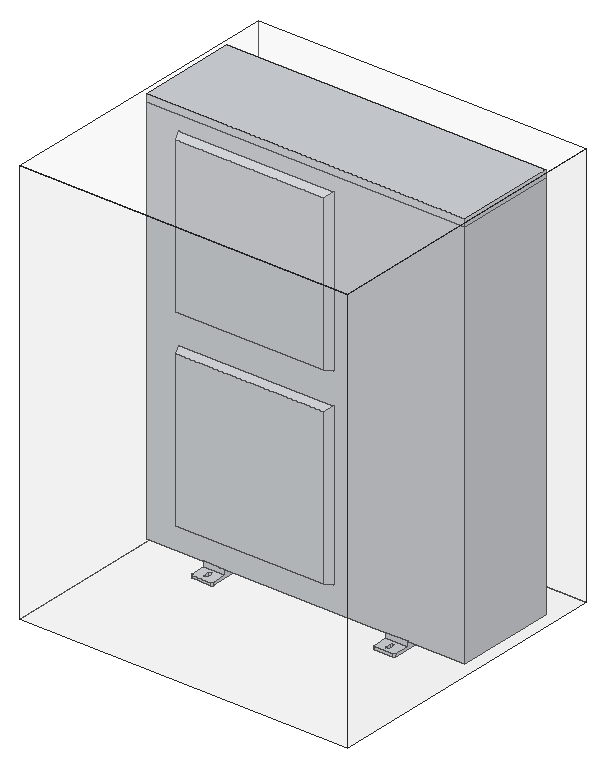
Revit family "puz-hrmp80_160ka6_50Hz", category 機械設備, Revit 2019 (continued)
Definition of nested family "PUZ-ZRMP-3"
  Dimensions and locks
    aligned and locked: plane 53 to Extrusion 5 sketch curve
    aligned and locked: plane 58 to Extrusion 6 sketch curve
    aligned and locked: plane 56 to Extrusion 6 sketch curve
    aligned and locked: plane 61 to Extrusion 7 sketch curve
    aligned and locked: plane 54 to Extrusion 7 sketch curve
    aligned and locked: plane 55 to Extrusion 7
    aligned and locked: Extrusion 7 to plane 62
    aligned and locked: plane 64 to Extrusion 6
    aligned and locked: plane 63 to Extrusion 5
    aligned and locked: Extrusion 6 to plane 60
    aligned and locked: Extrusion 5 to plane 59
    aligned and locked: plane 66 to Extrusion 8 sketch curve
    aligned and locked: plane 65 to Extrusion 8 sketch curve
    aligned and locked: Extrusion 8 to plane 60
    aligned and locked: plane 64 to Extrusion 8
    aligned and locked: Blend 9 sketch curve to plane 71
    aligned and locked: Blend 9 sketch curve to plane 72
    aligned and locked: Blend 9 sketch curve to plane 42
    aligned and locked: Blend 9 sketch curve to plane 41
    aligned and locked: plane 45 to Blend 9 sketch curve
    aligned and locked: Blend 9 sketch curve to plane 46
    aligned and locked: Blend 9 sketch curve to plane 73
    aligned and locked: plane 74 to Blend 9 sketch curve
    aligned and locked: Blend 9 to plane 8
    aligned and locked: plane 38 to Blend 9
    aligned and locked: plane 22 to Extrusion 10 sketch curve
    aligned and locked: plane 21 to Extrusion 10 sketch curve
    aligned and locked: Extrusion 10 sketch curve to Extrusion 1  (x4)
    aligned and locked: Extrusion 10 sketch curve to plane 23
    aligned and locked: Extrusion 10 sketch curve to plane 20
    aligned and locked: plane 24 to Extrusion 10
    aligned and locked: Extrusion 10 to level
    aligned and locked: plane 25 to Extrusion 11
    aligned and locked: Extrusion 11 to plane 26
    aligned and locked: Masking region 1 sketch curve to Extrusion 3  (x4)
    aligned and locked: Masking region 1 sketch curve to cut or joined group of Extrusion 1, Extrusion 10  (x8)
    aligned and locked: Masking region 1 sketch curve to Blend 9  (x3)
    aligned and locked: plane 51 to Extrusion 11 sketch curve
    aligned and locked: plane 52 to Extrusion 11 sketch curve
    aligned and locked: plane 76 to Extrusion 11 sketch curve
    aligned and locked: plane 77 to Extrusion 11 sketch curve
    aligned and locked: plane 78 to Extrusion 11 sketch curve
    aligned and locked: plane 79 to Extrusion 11 sketch curve
    aligned and locked: plane 75 to Extrusion 11 sketch curve  (x4)
  Automatic sketch dimensions
    plane 7 to Extrusion 1 sketch curve = 0 mm  (x2)
    Extrusion 1 sketch curve to plane 18 = 0 mm
    plane 8 to Extrusion 1 sketch curve = 0 mm  (x2)
    Extrusion 1 sketch curve to plane 19 = 0 mm
    Extrusion 1 sketch curve to plane 20 = 0 mm
    Extrusion 1 sketch curve to plane 21 = 0 mm
    curve 187 to curve 188 = 40 mm
    curve 186 to curve 190 = 13.333 mm
    curve 190 to curve 190 = 40 mm
    curve 186 to curve 193 = 0 mm
    curve 186 to curve 188 = 40 mm
    curve 188 to curve 191 = 0 mm
    curve 179 to curve 180 = 40 mm
    curve 178 to curve 182 = 120 mm
    curve 182 to curve 182 = 40 mm
    curve 178 to curve 185 = 0 mm
    curve 178 to curve 180 = 40 mm
    curve 182 to curve 183 = 40 mm
    curve 25 to plane 45 = 0 mm
    curve 24 to plane 45 = 0 mm
    curve 22 to plane 45 = 0 mm
    curve 23 to plane 45 = 0 mm
    curve 26 to plane 45 = 0 mm
    curve 21 to plane 45 = 0 mm
    curve 24 to plane 46 = 0 mm
    curve 25 to plane 46 = 0 mm
    curve 26 to plane 46 = 0 mm
    curve 23 to plane 46 = 0 mm
    curve 22 to plane 46 = 0 mm
    curve 21 to plane 46 = 0 mm
    curve 37 to plane 48 = 0 mm
    curve 52 to plane 48 = 0 mm
    curve 51 to plane 48 = 0 mm
    curve 50 to plane 48 = 0 mm
    curve 49 to plane 48 = 0 mm
    curve 48 to plane 48 = 0 mm
    curve 47 to plane 48 = 0 mm
    curve 46 to plane 48 = 0 mm
    curve 45 to plane 48 = 0 mm
    curve 44 to plane 48 = 0 mm
    curve 43 to plane 48 = 0 mm
    curve 42 to plane 48 = 0 mm
    curve 41 to plane 48 = 0 mm
    curve 27 to plane 48 = 0 mm
    curve 28 to plane 48 = 0 mm
    curve 40 to plane 48 = 0 mm
    curve 39 to plane 48 = 0 mm
    curve 29 to plane 48 = 0 mm
    curve 38 to plane 48 = 0 mm
    curve 30 to plane 48 = 0 mm
    curve 53 to plane 48 = 0 mm
    curve 31 to plane 48 = 0 mm
    curve 36 to plane 48 = 0 mm
    curve 32 to plane 48 = 0 mm
    curve 35 to plane 48 = 0 mm
    curve 33 to plane 48 = 0 mm
    curve 34 to plane 48 = 0 mm
    curve 28 to plane 47 = 0 mm
    curve 41 to plane 47 = 0 mm
    curve 27 to plane 47 = 0 mm
    curve 42 to plane 47 = 0 mm
    curve 31 to plane 47 = 0 mm
    curve 40 to plane 47 = 0 mm
    curve 37 to plane 47 = 0 mm
    curve 39 to plane 47 = 0 mm
    curve 32 to plane 47 = 0 mm
    curve 45 to plane 47 = 0 mm
    curve 36 to plane 47 = 0 mm
    curve 46 to plane 47 = 0 mm
    curve 43 to plane 47 = 0 mm
    curve 47 to plane 47 = 0 mm
    curve 29 to plane 47 = 0 mm
    curve 48 to plane 47 = 0 mm
    curve 30 to plane 47 = 0 mm
    curve 49 to plane 47 = 0 mm
    curve 44 to plane 47 = 0 mm
    curve 50 to plane 47 = 0 mm
    curve 33 to plane 47 = 0 mm
    curve 51 to plane 47 = 0 mm
    curve 35 to plane 47 = 0 mm
    curve 52 to plane 47 = 0 mm
    curve 38 to plane 47 = 0 mm
    curve 53 to plane 47 = 0 mm
    curve 34 to plane 47 = 0 mm
    plane 13 to curve 304 = 138 mm
    curve 304 to plane 46 = 0 mm
    curve 307 to plane 45 = 0 mm
    curve 306 to plane 45 = 0 mm
    curve 303 to plane 45 = 0 mm
    curve 308 to plane 45 = 0 mm
    curve 303 to plane 46 = 0 mm
    curve 306 to plane 46 = 0 mm
    curve 307 to plane 46 = 0 mm
    curve 308 to plane 46 = 0 mm
    curve 309 to plane 45 = 0 mm
    curve 309 to plane 46 = 0 mm
    curve 305 to plane 74 = 0 mm
    curve 305 to plane 73 = 0 mm
    curve 310 to plane 74 = 0 mm
    curve 310 to plane 73 = 0 mm
    curve 311 to plane 73 = 0 mm
    curve 311 to plane 74 = 0 mm
    curve 312 to plane 74 = 0 mm
    curve 312 to plane 73 = 0 mm
    curve 313 to plane 74 = 0 mm
    curve 313 to plane 73 = 0 mm
    curve 314 to plane 73 = 0 mm
    curve 314 to plane 74 = 0 mm
    curve 315 to plane 74 = 0 mm
    curve 315 to plane 73 = 0 mm
    curve 316 to plane 73 = 0 mm
    curve 316 to plane 74 = 0 mm
    curve 317 to plane 74 = 0 mm
    curve 317 to plane 73 = 0 mm
    curve 318 to plane 74 = 0 mm
    curve 318 to plane 73 = 0 mm
    curve 319 to plane 74 = 0 mm
    curve 319 to plane 73 = 0 mm
    curve 320 to plane 74 = 0 mm
    curve 320 to plane 73 = 0 mm
    curve 321 to plane 74 = 0 mm
    curve 321 to plane 73 = 0 mm
    curve 322 to plane 73 = 0 mm
    curve 322 to plane 74 = 0 mm
    curve 323 to plane 73 = 0 mm
    curve 323 to plane 74 = 0 mm
    curve 324 to plane 73 = 0 mm
    curve 324 to plane 74 = 0 mm
    curve 325 to plane 74 = 0 mm
    curve 325 to plane 73 = 0 mm
    curve 326 to plane 74 = 0 mm
    curve 326 to plane 73 = 0 mm
    curve 327 to plane 74 = 0 mm
    curve 327 to plane 73 = 0 mm
    curve 328 to plane 74 = 0 mm
    curve 328 to plane 73 = 0 mm
    curve 329 to plane 74 = 0 mm
    curve 329 to plane 73 = 0 mm
    curve 330 to plane 74 = 0 mm
    curve 330 to plane 73 = 0 mm
    curve 331 to plane 74 = 0 mm
    curve 331 to plane 73 = 0 mm
    curve 332 to plane 73 = 0 mm
    curve 332 to plane 74 = 0 mm
    curve 333 to plane 74 = 0 mm
    curve 333 to plane 73 = 0 mm
    curve 334 to plane 73 = 0 mm
    curve 334 to plane 74 = 0 mm
    curve 335 to plane 74 = 0 mm
    curve 335 to plane 73 = 0 mm
    Extrusion 10 sketch curve to plane 18 = 0 mm  (x2)
    plane 8 to Extrusion 10 sketch curve = 0 mm
    plane 23 to Extrusion 10 sketch curve = 0 mm
    plane 22 to Extrusion 10 sketch curve = 0 mm  (x3)
    plane 16 to Extrusion 10 sketch curve = 0 mm  (x3)
    plane 17 to Extrusion 10 sketch curve = 0 mm  (x3)
    Extrusion 10 sketch curve to plane 15 = 0 mm  (x2)
    Extrusion 10 sketch curve to plane 19 = 0 mm  (x2)
    Extrusion 10 sketch curve to plane 14 = 0 mm  (x2)
    plane 7 to Extrusion 10 sketch curve = 0 mm
    Extrusion 10 sketch curve to plane 18 = 5 mm
    plane 15 to Extrusion 10 sketch curve = 6 mm  (x2)
    plane 19 to Extrusion 10 sketch curve = 5 mm
    Extrusion 10 sketch curve to plane 20 = 5 mm
    plane 14 to Extrusion 10 sketch curve = 6 mm  (x2)
    plane 21 to Extrusion 10 sketch curve = 5 mm
    plane 38 to Extrusion 10 sketch curve = 10 mm  (x2)
    plane 19 to Masking region 1 sketch curve = 0 mm
    plane 21 to Masking region 1 sketch curve = 0 mm
    plane 7 to Masking region 1 sketch curve = 0 mm  (x2)
    Masking region 1 sketch curve to plane 20 = 0 mm
    Masking region 1 sketch curve to plane 18 = 0 mm
    plane 8 to Masking region 1 sketch curve = 0 mm  (x2)
    plane 38 to Masking region 1 sketch curve = 0 mm
    curve 352 to plane 6 = 0 mm
    plane 7 to curve 352 = 0 mm
    curve 353 to plane 18 = 0 mm
    curve 348 to plane 18 = 0 mm
    plane 8 to curve 346 = 0 mm
    curve 354 to plane 19 = 0 mm
    curve 347 to plane 19 = 0 mm
    curve 345 to plane 41 = 0 mm
    plane 38 to curve 344 = 0 mm
    curve 344 to plane 46 = 0 mm
    curve 357 to plane 20 = 0 mm
    curve 343 to plane 20 = 0 mm
    curve 358 to plane 21 = 0 mm
    curve 341 to plane 21 = 0 mm
    curve 339 to plane 45 = 0 mm
    curve 339 to plane 42 = 0 mm
    curve 337 to plane 5 = 0 mm
    plane 22 to curve 354 = 0 mm
    plane 22 to curve 358 = 0 mm
    plane 23 to curve 342 = 0 mm
    plane 23 to curve 347 = 0 mm
    curve 11 to plane 65 = 6 mm
    plane 18 to curve 352 = 28.157 mm
    plane 15 to curve 346 = 0.043 mm
    plane 21 to curve 338 = 11.963 mm
    curve 336 to plane 21 = 9.073 mm
    curve 344 to plane 21 = 22.105 mm
    plane 28 to curve 3 = 5 mm
    curve 3 to plane 45 = 38 mm
    curve 1 to plane 45 = 38 mm
    curve 3 to curve 5 = 0 mm
    curve 4 to plane 29 = 5 mm
    curve 372 to plane 65 = 6 mm
    plane 65 to curve 376 = 9 mm
    curve 12 to plane 65 = 6 mm
    curve 20 to plane 53 = 4 mm
    curve 2 to curve 16 = 15 mm
    plane 51 to curve 15 = 5 mm
Definition of nested family "固定点"
  Parameters (values of type "固定点")
    中心円 = if(W > 599 mm, 12 mm, 10 mm)  # 12 mm
    W = 1000 mm
    D = 1000 mm
  Reference planes
    plane 1 "中心(正面/背面)": y = 0
    plane 2: z = 0
    plane 3 "中心(左/右)": x = 0
    plane 4: x = 1000
    plane 5: y = 1000
  Lines and regions (mm)
    symbolic lines, detail levels fine
      curve 1: circle (0, 1000, 0) r 6 normal (0, 0, 1)
      curve 2: circle (0, 0, 0) r 6 normal (0, 0, 1)
      curve 3: circle (1000, 1000, 0) r 6 normal (0, 0, 1)
      curve 4: circle (1000, 0, 0) r 6 normal (0, 0, 1)
      curve 5: line (-200, 1000, 0) -> (1200, 1000, 0)
      curve 6: line (-200, 0, 0) -> (1200, 0, 0)
      curve 7: line (0, 1200, 0) -> (0, -200, 0)
      curve 8: line (1000, 1200, 0) -> (1000, -200, 0)
  Dimensions and locks
    "W": plane 3 "中心(左/右)" to plane 4
    "D": plane 1 "中心(正面/背面)" to plane 5
    "中心円": diameter of curve 1
    "中心円": diameter of curve 2
    "中心円": diameter of curve 3
    "中心円": diameter of curve 4
    aligned and locked: level to plane 2
    aligned and locked: plane 5 to curve 1
    aligned and locked: plane 3 "中心(左/右)" to curve 1
    aligned and locked: plane 3 "中心(左/右)" to curve 2
    aligned and locked: plane 1 "中心(正面/背面)" to curve 2
    aligned and locked: plane 4 to curve 3
    aligned and locked: plane 5 to curve 3
    aligned and locked: plane 1 "中心(正面/背面)" to curve 4
    aligned and locked: plane 4 to curve 4
    aligned and locked: plane 1 "中心(正面/背面)" to curve 6
    aligned and locked: curve 7 to plane 3 "中心(左/右)"
    aligned and locked: curve 8 to plane 4
  Automatic sketch dimensions
    curve 5 to plane 5 = 0 mm
    curve 6 to plane 3 "中心(左/右)" = 200 mm
    curve 5 to plane 3 "中心(左/右)" = 200 mm
    curve 4 to curve 6 = 200 mm
    curve 3 to curve 5 = 200 mm
    plane 1 "中心(正面/背面)" to curve 8 = 200 mm
    plane 1 "中心(正面/背面)" to curve 7 = 200 mm
    curve 3 to curve 8 = 200 mm
    curve 1 to curve 7 = 200 mm
Types (4, lengths in mm): name | 音響パワーレベル（冷）(dB) | 音響パワーレベル(dB) | 電動機出力_圧縮機 | 消費電力_暖房 | 消費電力_冷房 | 消費電力 | 構成品番 | 暖房能力 | 推奨ブレーカー容量 | 価格 | 冷房能力 | URL
  PUZ-HRMP80KA6 | 66 | 68 | 1.5 kW | 1.92 kW | 1.77 kW | 1.92 kW | "PUZ-HRMP80KA" | 8 kW | 30 A | 665000 | 7.1 kW | "https://www.mitsubishielectric.co.jp/ldg/wink/ssl/displayProduct.do?pid=323602"
  PUZ-HRMP112KA6 | 66 | 69 | 2.1 kW | 2.69 kW | 2.5 kW | 2.69 kW | "PUZ-HRMP112KA" | 11.2 kW | 30 A | 785000 | 10 kW | "https://www.mitsubishielectric.co.jp/ldg/wink/ssl/displayProduct.do?pid=323604"
  PUZ-HRMP140KA6 | 68 | 69 | 2.7 kW | 3.82 kW | 3.69 kW | 3.82 kW | "PUZ-HRMP140KA" | 14 kW | 40 A | 937000 | 12.5 kW | "https://www.mitsubishielectric.co.jp/ldg/wink/ssl/displayProduct.do?pid=323607"
  PUZ-HRMP160KA6 | 69 | 71 | 3.1 kW | 4.49 kW | 4.7 kW | 4.7 kW | "PUZ-HRMP160KA" | 16 kW | 40 A | 1061000 | 14 kW | "https://www.mitsubishielectric.co.jp/ldg/wink/ssl/displayProduct.do?pid=323610"
